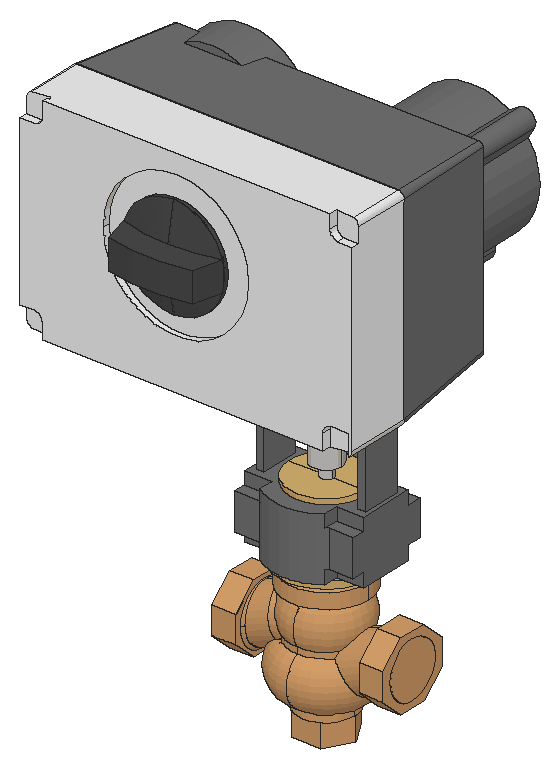
Revit family "VRB3_DN15-DN50_Internal_AMV(E) 438 SU_RFA_1", category Pipe Accessories, Revit 2019
Family settings
  Round Connector Dimension = Use Diameter
  Part Type = Valve - Breaks Into
  OmniClass Number = 23.65.55.14.17
  OmniClass Title = Adjusting/Controlling Valves for Liquid Services
  Work Plane-Based = No
  Always vertical = Yes
  Cut with Voids When Loaded = No
  Shared = No
Parameters (values of type "VRB3_DN15_Internal_Kvs0.63_065Z0211")
  ang2D [instance] = 0.00°
  ZT = 1 mm
  Z1_ve = -13 mm
  W2C = 23.5 mm
  W = 137.6 mm  # constant formula
  Voltage = if(Actuator Type = [082H0123], 230 V, 24 V)  # 24 V
  TL2 = 0 mm
  Power = if(Actuator Type = [082H0121], 14 VA, 12 VA)  # 12 VA
  Min Medium Temperature = "-10°C"  # constant formula
  Max Medium Temperature = "130°C"  # constant formula
  L0 = 80 mm
  L = LL * 2  # 80 mm
  Ha = 215.5 mm
  H_T2 = 5.3 mm
  H_T1 = 7 mm
  ZC = 5 mm
  Z2 = 6.314 mm
  Z1_1 = 19 mm
  Z1 = 16 mm
  Z05 = 5 mm
  Z02 = 4 mm
  Z01 = 2 mm
  Z0 = 1 mm
  Y5 = 3 mm
  Y4 = 1 mm
  Y3 = 1 mm
  Y2 = 15.244 mm
  Y1 = 6.314 mm
  Y01 = 1 mm
  Y0 = 1 mm
  X12__ve = -X12  # -11.6 mm
  X12 = 11.6 mm
  X1 = 5.8 mm
  Weight = 0.71 kg
  W2T1 = 7 mm
  W2T = 5 mm
  W2B = 10.5 mm
  W2A = 6 mm
  W2 = 13 mm
  W1 = 17 mm
  Valve Body Material = Danfoss Bronze (Rg5)
  V1 = no
  Use Minimum Symbol Size [instance] = no
  URL = "https://store.danfoss.com/en/Climate-Solutions-for-heating/Motorised-Control-Valves-/Globe-Valves/Valves-for-Heating-and-Cooling/c/4105?q=%3Arelevance%3Adanfoss_producttypehierarchydesc%3A7cb85f57ec0c5908aa7533d09adc2ed0bf3179c1%3Adanfoss_a50461501115_fts%3ATA5_1501120&text="
  TT = 5 mm
  TL__ve = -TL  # -11 mm
  TL1__ve = -9 mm
  TL1 = 9 mm
  TL = 11 mm
  T_HH = H - H1  # 215.5 mm
  H0 = 84.8 mm
  TD = R * 2  # 27 mm
  Stroke = "10 mm"
  SW = 1
  R_Vertical Body = 13.5 mm
  RT30 = 2.1 mm
  RT3 = 3 mm
  RT22 = 10.5 mm
  RT11 = 12.5 mm
  RT1 = 18.5 mm
  RT0 = 16.5 mm
  R_Flow Pipe = 13 mm
  R = 13.5 mm
  Pressure Drop [instance] = 0.0 bar
  Nominal Pressure = "PN 16"  # constant formula
  NT = 11.25 mm
  NL = 34 mm
  N1 = 13 mm
  Model Type = "VRB3_DN15_Internal_Kvs0.63"
  Model = "065Z0211"
  Manufacturer = "Danfoss"
  LOD 350 = not(LOD 200)  # yes
  LOD 200 = no
  LM = 58 mm
  LL = 40 mm
  Kvs = 0.63 m³/h
  IfcExportType = "VRB3"  # constant formula
  IfcExportAs = "IfcValveType"  # constant formula
  H_Body Bottom = 25 mm
  HT_Flow pipe = 5 mm
  HH__ve = -H_2  # -23.5 mm
  HH0__ve = -HH0  # -30.5 mm
  HH0 = 30.5 mm
  H_2 = 23.5 mm
  H_Body Top = 23 mm
  HB_Flow Pipe = 6.314 mm
  H_3 = 25.5 mm
  H_5 = 11 mm
  H1 = 39.5 mm
  H_4 = 25 mm
  H_1 = 31 mm
  H = Ha + H1  # 255 mm
  Flow [instance] = 0.0 m³/h
  Description = "Motorized Control Valve"  # constant formula
  D1 = 33 mm
  D01 = 25.1 mm
  D00 = 29.1 mm
  D0 = 23.1 mm
  D = 15 mm
  Connection = "Internal Thread"  # constant formula
  CenSd_R14_6 = 6.928 mm
  CenSd_NKR_6 = NT * cos(30.00°)  # 9.743 mm
  BY = 10 mm
  CenSd_RT0_6 = R * cos(30.00°)  # 11.691 mm
  Adapter Type = Adapter_AMV(E) 15(25)(35)_RFA : Adapter_AMV(E) 15(25)(35)_DN15-50_065Z0311
  Actuator Type = AMV(E) 438 SU_RFA : AMV 438 SU_24V_082H0122
  AT = 45.00°
  A2_Flow Pipe = 158.00°
  A1_Flow pipe = 158.00°
  082H0123 = AMV(E) 438 SU_RFA : AMV 438 SU_230V_082H0123
  082H0121 = AMV(E) 438 SU_RFA : AME 438 SU_24V_082H0121
Reference planes
  plane 1 "Center (Front/Back)": y = 0
  plane 2 "XYPLANE": z = 0
  plane 3 "Center (Left/Right)": x = 0
  plane 4 "478": z = 5
  plane 5 "462": z = -24.9
  plane 6 "439": z = 2
  plane 7 "437": y = -10
  plane 8 "436": y = 10
  plane 9 "429": x = 27
  plane 10 "428": x = 29
  plane 11 "398": y = -9
  plane 12 "397": y = 9
  plane 13 "396": y = -6
  plane 14 "395": y = 6
  plane 15 "392": y = -11
  plane 16 "391": y = 11
  plane 17 "390": y = -12
  plane 18 "389": y = 12
  plane 19 "383": z = 25
  plane 20 "382": z = 23
  plane 21 "376": z = -10
  plane 22 "375": z = -9
  plane 23 "374": z = -5
  plane 24 "373": z = 0
  plane 25 "372": z = 1
  plane 26 "371": z = 24
  plane 27 "351": y = 7.5
  plane 28 "350": y = -7.5
  plane 29 "349": z = 7
  plane 30 "348": z = -23
  plane 31 "346": y = 1.5
  plane 32 "345": y = 4.5
  plane 33 "344": y = 10.5
  plane 34 "343": y = 12
  plane 35 "342": y = -1.5
  plane 36 "341": y = -4.5
  plane 37 "340": y = -10.5
  plane 38 "339": y = -12
  plane 39 "334": z = 11
  plane 40 "333": z = 9
  plane 41 "332": z = 4
  plane 42 "316": y = 23
  plane 43 "315": y = -23
  plane 44 "311": z = 81.8
  plane 45 "308": z = 79.8
  plane 46 "305": z = 54.3
  plane 47 "301": z = 49
  plane 48 "299": z = 47
  plane 49 "296": z = 44
  plane 50 "293": z = 41
  plane 51 "290": z = 38
  plane 52 "285": z = 15
  plane 53 "283": z = 84.8
  plane 54 "280": z = 54.5
  plane 55 "277": z = 19
  plane 56 "270": z = 29
  plane 57 "268": x = -18.5
  plane 58 "261": z = 1
  plane 59 "233": z = 26.5
  plane 60 "232": z = 22
  plane 61 "183": y = -0.2
  plane 62 "88": y = -13
  plane 63 "77": y = 13
  plane 64 "73": x = -29
  plane 65 "59": z = 31
  plane 66 "45": z = -25
  plane 67 "24": y = -15.244
  plane 68 "23": y = -6.314
  plane 69 "22": y = 15.244
  plane 70 "21": y = 6.314
  plane 71 "20": z = -6.314
  plane 72 "19": z = 6.314
  plane 73 "18": z = -16
  plane 74 "17": z = 16
  plane 75 "14": x = 40
  plane 76 "13": x = -40
  plane 77 "4": x = 0
  plane 78 "3": y = 0
  plane 79 "1": z = 0
  plane 80 "46": z = -39.5
  plane 81 "47": z = -28.5
  plane 82: through (-5.625, 9.743, 1200) normal (0.866, 0.5, 0)
  plane 83: through (7.313, 10.717, 1200) normal (-0.866, -0.5, 0)
  plane 84: through (-7.312, -10.717, 1200) normal (-0.866, -0.5, 0)
  plane 85: y = -17
  plane 86: y = 17
  plane 87: y = -17
  plane 88: y = 17
  plane 89: x = -27
  plane 90: y = -6.5
  plane 91: y = 6.5
  plane 92: y = 23.5
  plane 93: y = -23.5
  plane 94: z = 215.5
  plane 95: y = -66.1
  plane 96: y = 71.5
Forms (mm)
  Blend 1, solid, material "Danfoss Bronze (Rg5)" <- "Valve Body Material", detail levels fine
    base sketch origin (27, -750, 0) x (0, 1, 0) y (0, 0, 1)
      loop
        circle (750, 0) r 12.55
    top sketch origin (27, -750, 0) x (0, 1, 0) y (0, 0, 1)
      loop
        circle (750, 0) r 14.55
    from 0 to 2
  Blend 2, solid, material "Danfoss Bronze (Rg5)" <- "Valve Body Material", detail levels fine
    base sketch origin (-29, -750, 0) x (0, 1, 0) y (0, 0, 1)
      loop
        circle (750, 0) r 14.55
    top sketch origin (-29, -750, 0) x (0, 1, 0) y (0, 0, 1)
      loop
        circle (750, 0) r 11.55
    from 0 to 2
  Extrusion 3, solid, material "Danfoss Bronze (Rg5)" <- "Valve Body Material", visible <- "V1", detail levels fine
    sketch origin (-750, 0, 31) x (1, 0, 0) y (0, 1, 0)
      loop
        line (758, 0) -> (754, 6.928) -> (746, 6.928) -> (742, 0) -> (746, -6.928) -> (754, -6.928) -> (758, 0)
      loop
        circle (750, 0) r 12.5
    from 0 to 5
  Blend 4, solid, material "Danfoss Stainless Steel AISI 304 / AISI 316L", detail levels fine
    base sketch origin (-750, 0, 81.8) x (1, 0, 0) y (0, 1, 0)
      loop
        circle (750, 0) r 3
    top sketch origin (-750, 0, 81.8) x (1, 0, 0) y (0, 1, 0)
      loop
        circle (750, 0) r 2.1
    from 0 to 3
  Extrusion 5, solid, material "Danfoss Stainless Steel AISI 304 / AISI 316L", detail levels fine
    sketch origin (-750, 0, 79.8) x (1, 0, 0) y (0, 1, 0)
      loop
        circle (750, 0) r 2.1
    from 0 to 2
  Extrusion 6, solid, material "Danfoss Stainless Steel AISI 304 / AISI 316L", detail levels fine
    sketch origin (-750, 0, 54.3) x (1, 0, 0) y (0, 1, 0)
      loop
        circle (750, 0) r 3
    from 0 to 25.5 <- "H_3"
  Extrusion 7, solid, material "Danfoss Bronze (Rg5)" <- "Valve Body Material", visible <- "LOD 350", detail levels fine
    sketch origin (-750, 0, 49) x (1, 0, 0) y (0, 1, 0)
      loop
        line (761.25, 0) -> (755.625, 9.743) -> (744.375, 9.743) -> (738.75, 0) -> (744.375, -9.743) -> (755.625, -9.743) -> (761.25, 0)
    from 0 to 5.3 <- "H_T2"
  Extrusion 8, solid, material "Danfoss Bronze (Rg5)" <- "Valve Body Material", visible <- "LOD 350", detail levels fine
    sketch origin (-750, 0, 47) x (1, 0, 0) y (0, 1, 0)
      loop
        circle (750, 0) r 12.5
    from 0 to 2
  Extrusion 9, solid, material "Danfoss Bronze (Rg5)" <- "Valve Body Material", visible <- "LOD 350", detail levels fine
    sketch origin (-750, 0, 44) x (1, 0, 0) y (0, 1, 0)
      loop
        circle (750, 0) r 10.5
    from 0 to 3
  Extrusion 10, solid, material "Danfoss Bronze (Rg5)" <- "Valve Body Material", visible <- "LOD 350", detail levels fine
    sketch origin (-750, 0, 41) x (1, 0, 0) y (0, 1, 0)
      loop
        circle (750, 0) r 12.5
    from 0 to 3
  Extrusion 11, solid, material "Danfoss Bronze (Rg5)" <- "Valve Body Material", visible <- "LOD 350", detail levels fine
    sketch origin (-750, 0, 38) x (1, 0, 0) y (0, 1, 0)
      loop
        circle (750, 0) r 10.5
    from 0 to 3
  Extrusion 12, solid, material "Danfoss Bronze (Rg5)" <- "Valve Body Material", visible <- "LOD 350", detail levels fine
    sketch origin (-750, 0, 31) x (1, 0, 0) y (0, 1, 0)
      loop
        circle (750, 0) r 12.5
    from 0 to 7 <- "H_T1"
  Extrusion 13, solid, material "Danfoss Bronze (Rg5)" <- "Valve Body Material", visible <- "LOD 200", detail levels fine
    sketch origin (-750, 0, 54.5) x (1, 0, 0) y (0, 1, 0)
      loop
        circle (750, 0) r 12.5
    from -0.2 to -23.5 <- "HH__ve"
  Extrusion 14, solid, material "Danfoss Bronze (Rg5)" <- "Valve Body Material", visible <- "LOD 350", detail levels fine
    sketch origin (-750, 0, 31) x (1, 0, 0) y (0, 1, 0)
      loop
        circle (750, 0) r 16.5
    from 0 to -10
  Revolve 15, solid, material "Danfoss Bronze (Rg5)" <- "Valve Body Material", visible <- "LOD 350", detail levels fine
    sketch origin (-16.5, 0, 31) x (0, 0, 1) y (1, 0, 0)
      loop
        line (0, 0) -> (-12, 3) -> (-9, -3) -> (-2, -3) -> (0, -2) -> (0, 0)
      axis (-12, 16.5) -> (0, 16.5)
    angle from 0 to -360
  Extrusion 16, solid, material "Danfoss Bronze (Rg5)" <- "Valve Body Material", visible <- "LOD 350", detail levels fine
    sketch origin (0, 0, 19) x (1, 0, 0) y (0, 1, 0)
      loop
        circle (0, 0) r 13.5
    from 0 <- "TL2" to -9 <- "TL1__ve"
  Extrusion 17, solid, material "Danfoss Bronze (Rg5)" <- "Valve Body Material", visible <- "LOD 200", detail levels fine
    sketch origin (-750, 0, 31) x (1, 0, 0) y (0, 1, 0)
      loop
        circle (750, 0) r 16.5
    from 0 to -13 <- "Z1_ve"
  Extrusion 18, solid, material "Danfoss Bronze (Rg5)" <- "Valve Body Material", visible <- "LOD 200", detail levels fine
    sketch origin (-29, -750, 0) x (0, 1, 0) y (0, 0, 1)
      loop
        circle (750, 0) r 12.55
    from 0 to 58 <- "LM"
  Revolve 19, solid, material "Danfoss Bronze (Rg5)" <- "Valve Body Material", detail levels fine
    sketch origin (0, -0.2, 18.55) x (0, -1, 0) y (0, 0, 1)
      loop
        line (0, 4.45) -> (0, -43.55) -> (12.8, -43.55)
        arc (12.8, -43.55) -> (23.128, -32.382) -> (16.8, -18.55) r 13.717
        line (16.8, -18.55) -> (16.8, -15.817)
        arc (16.8, -15.817) -> (18.496, -4.954) -> (12.8, 4.45) r 16.042
        line (12.8, 4.45) -> (0, 4.45)
      axis (-0.2, -43.55) -> (-0.2, 4.45)
    angle from 0 to -360
  Extrusion 20, solid, material "Danfoss Bronze (Rg5)" <- "Valve Body Material", visible <- "LOD 350", detail levels fine
    sketch origin (40, -750, 0) x (0, 1, 0) y (0, 0, 1)
      loop
        line (733, 6.314) -> (733, -6.314) -> (743.5, -16) -> (756.5, -16) -> (767, -6.314) -> (767, 6.314) -> (756.5, 16) -> (743.5, 16) -> (733, 6.314)
    from 0 to -11 <- "TL__ve"
  Extrusion 21, solid, material "Danfoss Bronze (Rg5)" <- "Valve Body Material", visible <- "LOD 200", detail levels fine
    sketch origin (40, -750, 0) x (0, 1, 0) y (0, 0, 1)
      loop
        circle (750, 0) r 16.5
    from 0 to -11 <- "TL__ve"
  Extrusion 22, solid, material "Danfoss Bronze (Rg5)" <- "Valve Body Material", visible <- "LOD 350", detail levels fine
    sketch origin (-40, -750, 0) x (0, 1, 0) y (0, 0, 1)
      loop
        line (743.5, 16) -> (733, 6.314) -> (733, -6.314) -> (743.5, -16) -> (756.5, -16) -> (767, -6.314) -> (767, 6.314) -> (756.5, 16) -> (743.5, 16)
    from 0 to 11 <- "TL"
  Extrusion 23, solid, material "Danfoss Bronze (Rg5)" <- "Valve Body Material", visible <- "LOD 200", detail levels fine
    sketch origin (-40, -750, 0) x (0, 1, 0) y (0, 0, 1)
      loop
        circle (750, 0) r 16.5
    from 0 to 11 <- "TL"
  Extrusion 24, solid, material "Danfoss Bronze (Rg5)" <- "Valve Body Material", visible <- "LOD 350", detail levels fine
    sketch origin (0, 0, -39.5) x (-1, 0, 0) y (0, -1, 0)
      loop
        line (6.75, -11.691) -> (13.5, 0) -> (6.75, 11.691) -> (-6.75, 11.691) -> (-13.5, 0) -> (-6.75, -11.691) -> (6.75, -11.691)
    from 0 to 11 <- "H_5"
  Extrusion 25, solid, material "Danfoss Bronze (Rg5)" <- "Valve Body Material", detail levels fine
    sketch origin (0, 0, -28.5) x (-1, 0, 0) y (0, -1, 0)
      loop
        circle (0, 0.2) r 13.5
    from 0 to 5.5
  Sweep 26, solid, material "Danfoss Bronze (Rg5)" <- "Valve Body Material", visible <- "LOD 350", detail levels fine
    path origin (-16.5, 0, 31) x (0, 0, 1) y (1, 0, 0)
      loop
        line (-31, -23.5) -> (-31, -12.5) -> (-26, -0.125) -> (-26, 16.5)
    profile origin (-34.5, 0, 0) x (0, 0, -1) y (0, 1, 0)
      loop
        circle (0, 0) r 13
  Sweep 27, solid, material "Danfoss Bronze (Rg5)" <- "Valve Body Material", visible <- "LOD 350", detail levels fine
    path origin (-16.5, 0, 31) x (0, 0, 1) y (1, 0, 0)
      loop
        line (-31, 56.5) -> (-31, 45.5) -> (-37.314, 29.872) -> (-37.314, 16.5)
    profile origin (34.5, 0, 0) x (0, 0, 1) y (0, 1, 0)
      loop
        circle (0, 0) r 13
  Extrusion 28, solid, material "Danfoss Bronze (Rg5)" <- "Valve Body Material", visible <- "LOD 200", detail levels fine
    sketch origin (0, 0, -39.5) x (-1, 0, 0) y (0, -1, 0)
      loop
        circle (0, 0) r 16.5
    from 0 to 11
Lines and regions (mm)
  reference lines, not visible
    curve 1: circle (2, 2, 0) r 1 normal (0, 0, 1)
  reference lines, visible <- "LOD 350"
    curve 2: line (0, 0, 31) -> (-4.125, 7.145, 31)
    curve 3: line (0, 0, 31) -> (-8.25, 0, 31)
    curve 4: line (0, 0, 31) -> (-4.125, -7.145, 31)
    curve 5: line (0, 0, 49) -> (-2.813, 4.871, 49)
    curve 6: line (0, 0, 49) -> (-5.625, 0, 49)
    curve 7: line (0, 0, 49) -> (-2.812, -4.871, 49)
Dimensions and locks
  plane 1 "Center (Front/Back)" to curve 1 = 2 mm
  "ZC": plane 79 "1" to plane 4 "478"
  locked: plane 66 "45" to plane 5 "462" at 0.1
  locked: plane 79 "1" to plane 6 "439" at 2
  "Y0": plane 15 "392" to plane 7 "437"
  "Y0": plane 16 "391" to plane 8 "436"
  locked: plane 10 "428" to plane 9 "429" at 2
  "TL": plane 75 "14" to plane 10 "428"
  "Y4": plane 7 "437" to plane 11 "398"
  "Y4": plane 8 "436" to plane 12 "397"
  "Y5": plane 11 "398" to plane 13 "396"
  "Y5": plane 12 "397" to plane 14 "395"
  "Y01": plane 17 "390" to plane 15 "392"
  "Y01": plane 18 "389" to plane 16 "391"
  "Y3": plane 62 "88" to plane 17 "390"
  "Y3": plane 63 "77" to plane 18 "389"
  locked: plane 59 "233" to plane 19 "383" at 1.5
  "ZT": plane 26 "371" to plane 20 "382"
  "Z0": plane 22 "375" to plane 21 "376"
  "Z02": plane 23 "374" to plane 22 "375"
  "Z05": plane 24 "373" to plane 23 "374"
  locked: plane 25 "372" to plane 24 "373" at 1
  locked: plane 6 "439" to plane 25 "372" at 1
  locked: plane 19 "383" to plane 26 "371" at 1
  locked: plane 33 "344" to plane 27 "351" at 3
  locked: plane 37 "340" to plane 28 "350" at 3
  locked: plane 41 "332" to plane 29 "349" at 3
  locked: plane 66 "45" to plane 30 "348" at 2
  locked: plane 32 "345" to plane 31 "346" at 3
  locked: plane 27 "351" to plane 32 "345" at 3
  locked: plane 34 "343" to plane 33 "344" at 1.5
  locked: plane 63 "77" to plane 34 "343" at 1
  locked: plane 36 "341" to plane 35 "342" at 3
  locked: plane 28 "350" to plane 36 "341" at 3
  locked: plane 38 "339" to plane 37 "340" at 1.5
  locked: plane 62 "88" to plane 38 "339" at 1
  locked: plane 40 "333" to plane 39 "334" at 2
  locked: plane 29 "349" to plane 40 "333" at 2
  locked: plane 58 "261" to plane 41 "332" at 3
  "BY": plane 63 "77" to plane 42 "316"
  "BY": plane 62 "88" to plane 43 "315"
  locked: plane 45 "308" to plane 44 "311" at 2
  "H_3": plane 46 "305" to plane 45 "308"
  "H_T2": plane 47 "301" to plane 46 "305"
  locked: plane 48 "299" to plane 47 "301" at 2
  locked: plane 49 "296" to plane 48 "299" at 3
  locked: plane 50 "293" to plane 49 "296" at 3
  locked: plane 51 "290" to plane 50 "293" at 3
  "H_T1": plane 65 "59" to plane 51 "290"
  locked: plane 55 "277" to plane 52 "285" at 4
  "H_2": plane 65 "59" to plane 54 "280"
  locked: plane 65 "59" to plane 56 "270" at 2
  "RT1": plane 77 "4" to plane 57 "268"
  locked: plane 79 "1" to plane 58 "261" at 1
  "TL1": plane 65 "59" to plane 60 "232"
  locked: plane 78 "3" to plane 61 "183" at 0.2
  "W2": plane 78 "3" to plane 62 "88"
  "W2": plane 78 "3" to plane 63 "77"
  "TL": plane 76 "13" to plane 64 "73"
  "H_1": plane 79 "1" to plane 65 "59"
  "H_4": plane 79 "1" to plane 66 "45"
  "Y2": plane 78 "3" to plane 67 "24"
  "Y1": plane 78 "3" to plane 68 "23"
  "Y2": plane 78 "3" to plane 69 "22"
  "Y1": plane 78 "3" to plane 70 "21"
  "Z2": plane 79 "1" to plane 71 "20"
  "Z2": plane 79 "1" to plane 72 "19"
  "Z1": plane 79 "1" to plane 73 "18"
  "Z1": plane 79 "1" to plane 74 "17"
  "LL": plane 77 "4" to plane 75 "14"
  "LL": plane 77 "4" to plane 76 "13"
  locked: plane 3 "Center (Left/Right)" to plane 77 "4"
  locked: plane 1 "Center (Front/Back)" to plane 78 "3"
  locked: plane 2 "XYPLANE" to plane 79 "1"
  "CenSd_R14_6": curve 2 to Extrusion 3 sketch curve  (x2)
  "CenSd_R14_6": curve 3 to Extrusion 3 sketch curve  (x2)
  "CenSd_R14_6": curve 4 to Extrusion 3 sketch curve  (x2)
  Extrusion 3 sketch curve to Extrusion 3 sketch curve = 0 mm  (x12)
  "CenSd_NKR_6": curve 5 to Extrusion 7 sketch curve  (x2)
  "CenSd_NKR_6": curve 6 to Extrusion 7 sketch curve  (x2)
  "CenSd_NKR_6": curve 7 to Extrusion 7 sketch curve  (x2)
  Extrusion 7 sketch curve to Extrusion 7 sketch curve = 0 mm  (x12)
  Revolve 15 sketch curve to Revolve 15 sketch curve = 0 mm  (x10)
  Revolve 19 sketch curve to Revolve 19 sketch curve = 0 mm  (x2)
  Extrusion 22 sketch curve to Extrusion 22 sketch curve = 0 mm  (x16)
  "H1": level to plane 80 "46"
  plane 66 "45" to plane 81 "47" = 3.5 mm
  "H_5": plane 81 "47" to plane 80 "46"
  "CenSd_RT0_6": Extrusion 24 sketch curve to curve 2
  "CenSd_RT0_6": Extrusion 24 sketch curve to curve 4
  "CenSd_RT0_6": Extrusion 24 sketch curve to curve 7
  "CenSd_RT0_6": Extrusion 24 sketch curve to curve 5
  "CenSd_RT0_6": plane 83 to plane 82
  "CenSd_RT0_6": plane 82 to plane 84
  "Z1_1": plane 55 "277" to level
  Revolve 19 sketch curve to Revolve 19 sketch curve = 2.733 mm
  Revolve 19 sketch curve to plane 61 "183" = 0 mm
  "W2A": plane 62 "88" to Revolve 19 sketch curve
  "H_Body Top": plane 20 "382" to level
  "W1": plane 1 "Center (Front/Back)" to Revolve 19 sketch curve
  plane 75 "14" to plane 76 "13" = 80 mm
  "W2B": plane 62 "88" to Revolve 19 sketch curve
  "H_Body Bottom": level to Revolve 19 sketch curve
  "N1": Extrusion 22 sketch curve to Extrusion 22 sketch curve  (x2)
  equal spacing: Extrusion 22 sketch curve, plane 1 "Center (Front/Back)", Extrusion 22 sketch curve  (x2)
  equal spacing: plane 86, plane 1 "Center (Front/Back)", plane 85
  "NL": plane 86 to plane 85
  equal spacing: plane 88, plane 1 "Center (Front/Back)", plane 87
  "NL": plane 88 to plane 87
  locked: plane 64 "73" to plane 89 at 2
  plane 34 "343" to plane 38 "339" = 24 mm
  plane 69 "22" to plane 67 "24" = 30.488 mm
  equal spacing: plane 91, plane 1 "Center (Front/Back)", plane 90
  "N1": plane 91 to plane 90
  plane 72 "19" to Extrusion 20 sketch curve = 0 mm
  Extrusion 20 sketch curve to plane 90 = 0 mm  (x2)
  "HT_Flow pipe": Sweep 26 sketch curve to Sweep 26 sketch curve
  "HB_Flow Pipe": Sweep 27 sketch curve to Sweep 27 sketch curve
  Extrusion 20 sketch curve to plane 91 = 0 mm  (x3)
  Extrusion 20 sketch curve to plane 71 "20" = 0 mm  (x2)
  Extrusion 20 sketch curve to plane 72 "19" = 0 mm
  "W2C": plane 1 "Center (Front/Back)" to plane 92
  "W2C": plane 93 to plane 1 "Center (Front/Back)"
  plane 92 to plane 93 = 47 mm
  locked: nested 2 to plane 65 "59" at 1.3
  locked: nested 3 to plane 65 "59" at 4.5
  locked: plane 95 to plane 1 "Center (Front/Back)" at 66.1
  "W": plane 95 to plane 96
  "H": plane 94 to plane 80 "46"
  "H0": plane 53 "283" to level
  "Ha": plane 94 to plane 79 "1"
  "D00": diameter of Blend 1 sketch curve
  "D01": diameter of Blend 1 sketch curve
  "D0": diameter of Blend 2 sketch curve
  "D00": diameter of Blend 2 sketch curve
  "RT11": radius of Extrusion 3 sketch curve
  "RT30": radius of Blend 4 sketch curve
  "RT3": radius of Blend 4 sketch curve
  "RT30": radius of Extrusion 5 sketch curve
  "RT3": radius of Extrusion 6 sketch curve
  "RT11": radius of Extrusion 8 sketch curve
  "RT22": radius of Extrusion 9 sketch curve
  "RT11": radius of Extrusion 10 sketch curve
  "RT22": radius of Extrusion 11 sketch curve
  "RT11": radius of Extrusion 12 sketch curve
  "RT11": radius of Extrusion 13 sketch curve
  "RT0": radius of Extrusion 14 sketch curve
  "R_Vertical Body": radius of Extrusion 16 sketch curve
  "D01": diameter of Extrusion 18 sketch curve
  "D1": diameter of Extrusion 21 sketch curve
  "D1": diameter of Extrusion 23 sketch curve
  "R": radius of Extrusion 25 sketch curve
  "R_Flow Pipe": radius of Sweep 26 sketch curve
  "R_Flow Pipe": radius of Sweep 27 sketch curve
  "RT0": radius of Extrusion 17 sketch curve
  "D1": diameter of Extrusion 28 sketch curve
  locked: curve 3 to curve 2 (angle 60.00°)
  locked: curve 4 to curve 3 (angle 60.00°)
  locked: curve 4 to curve 2 (angle 120.00°)
  locked: curve 6 to curve 5 (angle 60.00°)
  locked: curve 7 to curve 6 (angle 60.00°)
  locked: curve 7 to curve 5 (angle 120.00°)
  "A1_Flow pipe": angle Sweep 26 sketch curve to level
  "A2_Flow Pipe": angle Sweep 27 sketch curve to level
  aligned and locked: level to plane 2 "XYPLANE"
  aligned and locked: Blend 1 sketch curve to plane 78 "3"  (x2)
  aligned and locked: plane 79 "1" to Blend 1 sketch curve  (x2)
  aligned and locked: plane 10 "428" to Blend 1
  aligned and locked: Blend 2 sketch curve to plane 78 "3"  (x2)
  aligned and locked: plane 79 "1" to Blend 2 sketch curve  (x2)
  aligned and locked: plane 77 "4" to curve 4
  aligned and locked: plane 78 "3" to curve 4
  aligned and locked: plane 77 "4" to Extrusion 3 sketch curve
  aligned and locked: plane 78 "3" to Extrusion 3 sketch curve
  aligned and locked: plane 77 "4" to Blend 4 sketch curve  (x2)
  aligned and locked: plane 78 "3" to Blend 4 sketch curve  (x2)
  aligned and locked: plane 53 "283" to Blend 4
  aligned and locked: plane 77 "4" to Extrusion 5 sketch curve
  aligned and locked: plane 78 "3" to Extrusion 5 sketch curve
  aligned and locked: plane 77 "4" to Extrusion 6 sketch curve
  aligned and locked: plane 78 "3" to Extrusion 6 sketch curve
  aligned and locked: plane 77 "4" to curve 7
  aligned and locked: plane 78 "3" to curve 7
  aligned and locked: plane 77 "4" to Extrusion 8 sketch curve
  aligned and locked: plane 78 "3" to Extrusion 8 sketch curve
  aligned and locked: plane 77 "4" to Extrusion 9 sketch curve
  aligned and locked: plane 78 "3" to Extrusion 9 sketch curve
  aligned and locked: plane 77 "4" to Extrusion 10 sketch curve
  aligned and locked: plane 78 "3" to Extrusion 10 sketch curve
  aligned and locked: plane 77 "4" to Extrusion 11 sketch curve
  aligned and locked: plane 78 "3" to Extrusion 11 sketch curve
  aligned and locked: plane 77 "4" to Extrusion 12 sketch curve
  aligned and locked: plane 78 "3" to Extrusion 12 sketch curve
  aligned and locked: plane 77 "4" to Extrusion 13 sketch curve
  aligned and locked: plane 78 "3" to Extrusion 13 sketch curve
  aligned and locked: plane 77 "4" to Extrusion 14 sketch curve
  aligned and locked: plane 78 "3" to Extrusion 14 sketch curve
  aligned and locked: plane 65 "59" to Revolve 15 sketch curve  (x3)
  aligned and locked: plane 57 "268" to Revolve 15 sketch curve
  aligned and locked: plane 56 "270" to Revolve 15 sketch curve
  aligned and locked: plane 60 "232" to Revolve 15 sketch curve
  aligned and locked: plane 55 "277" to Revolve 15 sketch curve
  aligned and locked: plane 52 "285" to Revolve 15 sketch curve
  aligned and locked: plane 77 "4" to Extrusion 16 sketch curve
  aligned and locked: plane 78 "3" to Extrusion 16 sketch curve
  aligned and locked: plane 77 "4" to Extrusion 17 sketch curve
  aligned and locked: plane 78 "3" to Extrusion 17 sketch curve
  aligned and locked: Extrusion 18 sketch curve to plane 78 "3"
  aligned and locked: plane 79 "1" to Extrusion 18 sketch curve
  aligned and locked: Revolve 19 sketch curve to plane 61 "183"
  aligned and locked: Revolve 19 sketch curve to plane 62 "88"
  aligned and locked: plane 79 "1" to Revolve 19 sketch curve
  aligned and locked: Revolve 19 sketch curve to plane 78 "3"
  aligned and locked: plane 66 "45" to Revolve 19 sketch curve
  aligned and locked: plane 59 "233" to Revolve 19 sketch curve
  aligned and locked: Extrusion 21 sketch curve to plane 78 "3"
  aligned and locked: plane 79 "1" to Extrusion 21 sketch curve
  aligned and locked: Extrusion 22 sketch curve to plane 74 "17"
  aligned and locked: plane 74 "17" to Extrusion 22 sketch curve
  aligned and locked: plane 73 "18" to Extrusion 22 sketch curve  (x2)
  aligned and locked: Extrusion 23 sketch curve to plane 78 "3"
  aligned and locked: plane 79 "1" to Extrusion 23 sketch curve
  aligned and locked: plane 82 to Extrusion 7
  aligned and locked: plane 82 to Extrusion 24 sketch curve  (x2)
  aligned and locked: plane 83 to Extrusion 24 sketch curve
  aligned and locked: plane 84 to Extrusion 24 sketch curve
  aligned and locked: plane 30 "348" to Extrusion 25
  aligned and locked: plane 20 "382" to Revolve 19 sketch curve
  aligned and locked: plane 62 "88" to Revolve 19 sketch curve
  aligned and locked: Revolve 19 sketch curve to plane 20 "382"
  aligned and locked: Extrusion 22 sketch curve to plane 86
  aligned and locked: plane 85 to Extrusion 22 sketch curve  (x2)
  aligned and locked: plane 86 to Extrusion 22 sketch curve
  aligned and locked: plane 87 to Extrusion 20 sketch curve
  aligned and locked: Extrusion 22 to Extrusion 20 sketch curve
  aligned and locked: plane 73 "18" to Extrusion 20 sketch curve
  aligned and locked: Sweep 26 sketch curve to level
  aligned and locked: level to Sweep 26 sketch curve
  aligned and locked: plane 1 "Center (Front/Back)" to Sweep 26 sketch curve
  aligned and locked: level to Sweep 27 sketch curve  (x2)
  aligned and locked: plane 1 "Center (Front/Back)" to Sweep 27 sketch curve
  aligned and locked: plane 46 "305" to Extrusion 13
  aligned and locked: plane 74 "17" to Extrusion 20 sketch curve
  aligned and locked: plane 1 "Center (Front/Back)" to Extrusion 28 sketch curve
  aligned and locked: plane 3 "Center (Left/Right)" to Extrusion 28 sketch curve
  aligned and locked: plane 81 "47" to Extrusion 28
  aligned and locked: plane 1 "Center (Front/Back)" to nested 1
  aligned and locked: plane 77 "4" to nested 1
  aligned and locked: plane 3 "Center (Left/Right)" to nested 1
  aligned and locked: plane 77 "4" to nested 2
  aligned and locked: plane 1 "Center (Front/Back)" to nested 2
  aligned and locked: plane 77 "4" to nested 3
  aligned and locked: plane 1 "Center (Front/Back)" to nested 3
Automatic sketch dimensions
  Revolve 15 sketch curve to plane 3 "Center (Left/Right)" = 0 mm
  plane 3 "Center (Left/Right)" to curve 1 = 2 mm
  Revolve 15 sketch curve to plane 65 "59" = 0 mm
  Revolve 15 sketch curve to plane 57 "268" = 1 mm
  plane 57 "268" to Revolve 15 sketch curve = 2 mm
  plane 57 "268" to Revolve 15 sketch curve = 5 mm
  Extrusion 17 sketch curve to plane 3 "Center (Left/Right)" = 0 mm
  Extrusion 22 sketch curve to plane 71 "20" = 0 mm  (x2)
  Extrusion 22 sketch curve to plane 72 "19" = 0 mm  (x2)
  Extrusion 25 sketch curve to plane 3 "Center (Left/Right)" = 0 mm
  Extrusion 25 sketch curve to plane 61 "183" = 0 mm
  Sweep 26 sketch curve to plane 76 "13" = 0 mm
  Sweep 26 sketch curve to plane 64 "73" = 0 mm
  Sweep 26 sketch curve to plane 3 "Center (Left/Right)" = 0 mm
  Sweep 27 sketch curve to plane 3 "Center (Left/Right)" = 0 mm
  Sweep 27 sketch curve to plane 10 "428" = 0 mm
  Sweep 27 sketch curve to plane 75 "14" = 0 mm
  radius of curve 1 = 1 mm
Nested families
  nested 1: "Schematic_3-Way Valve" at (0, 0, 0), type "Schematic_3-Way Valve", detail levels coarse+medium
    with L_1 26.667 mm, L 80 mm, H1 39.5 mm, H 80 mm, D1 23.1 mm
  nested 2: "Adapter_AMV(E) 15(25)(35)_RFA" at (0, 0, 32.3), type <- "Adapter Type", type "Adapter_AMV(E) 15(25)(35)_DN15-50_065Z0311", detail levels fine
  nested 3: "AMV(E) 438 SU_RFA" at (0, 0, 35.5), LOD 200 <- "LOD 200", type <- "Actuator Type", Voltage <- "Voltage", Power <- "Power", type "AMV 438 SU_24V_082H0122", detail levels fine
    with Voltage 24 V, Power 12 VA, LOD 350 yes, LOD 200 no
Connectors
  piping at (0, -0.2, -28.5), diameter 15, driven by "D", driven by "Flow"
    settings: on Extrusion 25, index 3, connector inside diameter 609.6 mm, connector length 0 mm, flow factor 0, pipe flow 0.0 m³/h, pressure drop 0.0 bar, fitting loss kfactor 0, connector angle 0.00°, fixture units 0, engagement length 0 mm, angle of deflection 0.00°, flow configuration 0, flow direction 0, fitting loss method 0, system type 29, joint type 0, gender type 0, connector reference index -1, connector utility 0, adjustable connector no, is connector primary no, connector description ""
  piping at (40, 0, 0), diameter 15, driven by "D", driven by "Flow"
    settings: on Sweep 27, index 4, connector inside diameter 609.6 mm, connector length 0 mm, flow factor 0, pipe flow 0.0 m³/h, pressure drop 0.0 bar, fitting loss kfactor 0, connector angle 0.00°, fixture units 0, engagement length 0 mm, angle of deflection 0.00°, flow configuration 0, flow direction 0, fitting loss method 0, system type 29, joint type 0, gender type 0, connector reference index 5, connector utility 0, adjustable connector no, is connector primary no, connector description ""
  piping at (-40, 0, 0), diameter 15, driven by "D", driven by "Flow"
    settings: on Sweep 26, index 5, connector inside diameter 609.6 mm, connector length 0 mm, flow factor 0, pipe flow 0.0 m³/h, pressure drop 0.0 bar, fitting loss kfactor 0, connector angle 0.00°, fixture units 0, engagement length 0 mm, angle of deflection 0.00°, flow configuration 0, flow direction 0, fitting loss method 0, system type 29, joint type 0, gender type 0, connector reference index 4, connector utility 0, adjustable connector no, is connector primary yes, connector description ""
  electrical at (0, 0, 0), driven by "Voltage", driven by "Power"
    settings: index 16, voltage 24 V, apparent load 0 VA, apparent load phase1 12 VA, apparent load phase2 0 VA, apparent load phase3 0 VA, power factor 0.95, load classification "HVAC", number of poles 1, system type 31, power factor state 1, is connector primary yes, connector utility no, sub classification motor no, connector description ""
Definition of nested family "Adapter_AMV(E) 15(25)(35)_RFA"
  Parameters (values of type "Adapter_AMV(E) 25_DN40-100_003Z0694")
    W = 45 mm
    URL = "https://store.danfoss.com/en/Climate-Solutions-for-heating/Hydronic-Balancing-and-Control/Pressure-independent-balancing-and-control/Pressure-Independent-Control-Valves-%28PICV%29/AB-QM-Accessories/Adapter-AMV-E-25-DN-40---100/p/003Z0694"
    Model Type = "Adapter_AMV(E) 25_DN40-100"
    Model = "003Z0694"
    Manufacturer = "Danfoss"  # constant formula
    L = 45 mm
    IfcExportType = "Adapter"  # constant formula
    IfcExportAs = "IfcValveType"  # constant formula
    H2 = 20 mm
    H1 = 20 mm
    H = 54.7 mm
    Description = "Adapter"  # constant formula
  Types (2, lengths in mm): name | URL | Model Type | Model | H2 | H1 | H
    Adapter_AMV(E) 25_DN40-100_003Z0694 | "https://store.danfoss.com/en/Climate-Solutions-for-heating/Hydronic-Balancing-and-Control/Pressure-independent-balancing-and-control/Pressure-Independent-Control-Valves-%28PICV%29/AB-QM-Accessories/Adapter-AMV-E-25-DN-40---100/p/003Z0694" | "Adapter_AMV(E) 25_DN40-100" | "003Z0694" | 20 | 20 | 54.7
    Adapter_AMV(E) 15(25)(35)_DN15-50_065Z0311 | "https://store.danfoss.com/en/Climate-Solutions-for-heating/Motorised-Control-Valves/Actuators-for-Globe-Valves/Accessories-for-actuators/AdapAMx15-16-25-35-VRB-G%2CVF-L2009dn15-50/p/065Z0311" | "Adapter_AMV(E) 15(25)(35)_DN15-50" | "065Z0311" | 28 | 34 | 69
  Reference planes
    plane 1 "Center (Front/Back)": y = 0
    plane 2: z = 0
    plane 3 "Center (Left/Right)": x = 0
    plane 4: z = 54.7
    plane 5: x = -22.5
    plane 6: x = 22.5
    plane 7: z = 34.7
    plane 8: z = 34.7
  Forms (mm)
    Revolve 1, solid
      sketch origin (0, 0, 0) x (1, 0, 0) y (0, 0, 1)
        loop
          line (0, 34.7) -> (-17.5, 34.7) -> (-17.5, 29.396) -> (-14.5, 18.2) -> (-17.5, 18.2) -> (-17.5, 3.2) -> (-22.5, 3.2) -> (-22.5, 0) -> (0, 0) -> (0, 34.7)
        axis (0, 34.7) -> (0, 0)
      angle from 0 to 360
    Revolve 2, solid
      sketch origin (0, 0, 0) x (1, 0, 0) y (0, 0, 1)
        loop
          line (0, 54.7) -> (-3, 54.7) -> (-3, 52.7) -> (-2, 52.7) -> (-2, 48.7) -> (-4, 45.844) -> (-4, 41.2) -> (-7, 41.2) -> (-7, 34.7) -> (0, 34.7) -> (0, 54.7)
        axis (0, 54.7) -> (0, 34.7)
      angle from 0 to 360
  Dimensions and locks
    equal spacing: plane 6, plane 3 "Center (Left/Right)", plane 5
    "L": plane 6 to plane 5
    "H": plane 4 to plane 2
    plane 3 "Center (Left/Right)" to Revolve 1 sketch curve = 17.5 mm
    Revolve 1 sketch curve to Revolve 1 sketch curve = 3.2 mm
    "H1": plane 4 to plane 7
    "H2": plane 4 to plane 8
    aligned and locked: level to plane 2
    aligned and locked: Revolve 1 sketch curve to plane 3 "Center (Left/Right)"
    aligned and locked: Revolve 1 sketch curve to plane 5
    aligned and locked: Revolve 1 sketch curve to plane 2
    aligned and locked: Revolve 1 sketch curve to Revolve 1 sketch curve
    aligned and locked: Revolve 2 sketch curve to plane 3 "Center (Left/Right)"
    aligned and locked: Revolve 2 sketch curve to plane 4
    aligned and locked: Revolve 2 sketch curve to Revolve 2 sketch curve
    aligned and locked: Revolve 1 sketch curve to plane 7
    aligned and locked: Revolve 2 sketch curve to plane 8
  Automatic sketch dimensions
    Revolve 1 sketch curve to level = 0 mm
    plane 5 to Revolve 1 sketch curve = 5 mm
    Revolve 1 sketch curve to Revolve 1 sketch curve = 3 mm
    Revolve 1 sketch curve to Revolve 1 sketch curve = 15 mm
    Revolve 1 sketch curve to Revolve 1 sketch curve = 5.304 mm
    Revolve 2 sketch curve to plane 4 = 0 mm
    Revolve 2 sketch curve to plane 3 "Center (Left/Right)" = 2 mm
    Revolve 2 sketch curve to Revolve 2 sketch curve = 1 mm
    Revolve 2 sketch curve to plane 3 "Center (Left/Right)" = 4 mm
    Revolve 2 sketch curve to Revolve 2 sketch curve = 7 mm
    Revolve 2 sketch curve to Revolve 2 sketch curve = 4.644 mm
    Revolve 2 sketch curve to Revolve 2 sketch curve = 2.856 mm
    Revolve 2 sketch curve to plane 4 = 2 mm
    Revolve 2 sketch curve to Revolve 2 sketch curve = 4 mm
    Revolve 1 sketch curve to plane 7 = 0 mm
    plane 7 to Revolve 2 sketch curve = 2 mm
Definition of nested family "AMV(E) 438 SU_RFA"
  Parameters (values of type "AME 438 SU_24V_082H0121")
    Weight = 2.30 kg  # constant formula
    W [instance] = 137.6 mm
    Voltage [instance] = 24 V
    URL = "https://store.danfoss.com/en/Climate-Solutions-for-heating/Motorised-Control-Valves/Actuators-for-Globe-Valves/Actuators-With-Safety-Function/c/4110?q=%3Arelevance%3Adanfoss_producttypehierarchydesc%3AAME+438+SU%3Adanfoss_producttypehierarchydesc%3AAMV+438+SU&text="
    Speed = "15 s/mm"  # constant formula
    Safety Function = "Spring Up"  # constant formula
    Power [instance] = 14 VA
    Output Signal = "0-10 V"
    Model Type = "AME 438 SU_24V"
    Model = "082H0121"
    Min Ambient Temperature = "0 °C"  # constant formula
    Max Stroke = 15 mm  # constant formula
    Max Medium Temperature = "150 °C"  # constant formula
    Max Ambient Temperature = "55 °C"  # constant formula
    Manufacturer = "Danfoss"  # constant formula
    LOD 350 [instance] = not(LOD 200)  # yes
    LOD 200 [instance] = no
    L [instance] = 155 mm
    IfcExportType = "AME 438 SU"
    IfcExportAs = "IfcActuatorType"  # constant formula
    H [instance] = 180 mm
    Description = "Gear Actuator"  # constant formula
    Control Input Signal = "0-10 V / 0-20 mA"
    Closing Force = "450 N"  # constant formula
    Body Material = none
  Types (4, lengths in mm): name | Voltage | Power | Output Signal | Model Type | Model | IfcExportType | Control Input Signal
    (no name) | 24 V | 14 VA | "0-10 V" | "AME 438 SU_24V" | "082H0121" | "AME 438 SU" | "0-10 V / 0-20 mA"
    AMV 438 SU_24V_082H0122 | 24 V | 12 VA | "End-position feedback" | "AMV 438 SU_24V" | "082H0122" | "AMV 438 SU" | "3-point"
    AME 438 SU_24V_082H0121 | 24 V | 14 VA | "0-10 V" | "AME 438 SU_24V" | "082H0121" | "AME 438 SU" | "0-10 V / 0-20 mA"
    AMV 438 SU_230V_082H0123 | 230 V | 12 VA | "End-position feedback" | "AMV 438 SU_230V" | "082H0123" | "AMV 438 SU" | "3-point"
  Reference planes
    plane 1 "Center (Front/Back)": y = 0
    plane 2: z = 0
    plane 3 "Center (Left/Right)": x = 0
    plane 4: z = 180
    plane 5: x = 28
    plane 6 "1": x = -28
    plane 7: x = 51
    plane 8: x = -104
    plane 9: z = 74
    plane 10: z = 29.5
    plane 11: y = 71.5
    plane 12: y = -66.1
    plane 13: y = -54
    plane 14: y = 34
    plane 15: y = 23
    plane 16: y = -23
    plane 17: x = 22
    plane 18: x = -22
    plane 19: x = 46
    plane 20: x = -99
    plane 21: z = 79
    plane 22: z = 175
    plane 23: z = 176
    plane 24: z = 78
    plane 25: y = -49
    plane 26: z = 173.2
    plane 27: z = 80.8
    plane 28: z = 134.5
    plane 29 "2": x = -31
    plane 30: x = -97
    plane 31: x = 44
    plane 32: x = -71.6
    plane 33: x = 11
    plane 34: y = -18.5
  Forms (mm)
    Extrusion 1, solid, material <- "Body Material", visible <- "LOD 350", detail levels fine
      sketch origin (0, 0, 0) x (1, 0, 0) y (0, 1, 0)
        loop
          arc (-16.248, -19) -> (0, -25) -> (16.248, -19) r 25
          line (16.248, -19) -> (27.62, -19) -> (27.62, 20) -> (15, 20)
          arc (15, 20) -> (0, 25) -> (-15, 20) r 25
          line (-15, 20) -> (-27.62, 20) -> (-27.62, -19) -> (-16.248, -19)
      from 0 to 29.5
    Extrusion 2, solid, material <- "Body Material", visible <- "LOD 350", detail levels fine
      sketch origin (0, 0, 0) x (1, 0, 0) y (0, 0, 1)
        loop
          line (22, 66.67) -> (22, 29.5) -> (25.4, 29.5) -> (25.4, 66.67) -> (22, 66.67)
      from -9 to 9
    Extrusion 3, solid, material <- "Body Material", visible <- "LOD 350", detail levels fine
      sketch origin (0, 0, 0) x (-1, 0, 0) y (0, 0, -1)
        loop
          line (22, -66.67) -> (25.4, -66.67) -> (25.4, -29.5) -> (22, -29.5) -> (22, -66.67)
      from -9 to 9
    Blend 4, solid, visible <- "LOD 350", detail levels fine
      base sketch origin (0, 0, 0) x (1, 0, 0) y (0, 0, 1)
        loop
          line (51, 80.879) -> (51, 173.2)
          arc (51, 173.2) -> (50.295, 175.174) -> (48.5, 176.255) r 3.117
          arc (48.5, 176.255) -> (-26.5, 180.013) -> (-101.5, 176.255) r 750.263
          arc (-101.5, 176.255) -> (-103.295, 175.174) -> (-104, 173.2) r 3.117
          line (-104, 173.2) -> (-104, 80.8)
          arc (-104, 80.8) -> (-103.295, 78.826) -> (-101.5, 77.745) r 3.117
          arc (-101.5, 77.745) -> (-26.535, 73.991) -> (48.429, 77.738) r 751.077
          arc (48.429, 77.738) -> (50.275, 78.849) -> (51, 80.879) r 3.204
      top sketch origin (0, 0, 0) x (1, 0, 0) y (0, 0, 1)
        loop
          line (-104, 173.2) -> (-104, 80.8)
          arc (-104, 80.8) -> (-103.295, 78.826) -> (-101.5, 77.745) r 3.117
          arc (-101.5, 77.745) -> (-26.535, 73.991) -> (48.429, 77.738) r 751.077
          arc (48.429, 77.738) -> (50.275, 78.849) -> (51, 80.879) r 3.204
          line (51, 80.879) -> (51, 173.2)
          arc (51, 173.2) -> (50.295, 175.174) -> (48.5, 176.255) r 3.117
          arc (48.5, 176.255) -> (-26.5, 180.013) -> (-101.5, 176.255) r 750.263
          arc (-101.5, 176.255) -> (-103.295, 175.174) -> (-104, 173.2) r 3.117
      from 18.5 to 49
    Revolve 5, solid, visible <- "LOD 350", detail levels fine
      sketch origin (-31, 0, 0) x (0, 0, 1) y (0, -1, 0)
        loop
          line (158.578, 49) -> (158.578, 50.625) -> (140.681, 54) -> (134.5, 54) -> (134.5, 49) -> (158.578, 49)
        axis (134.5, 49) -> (134.5, 54)
      angle from 0 to 360
    Extrusion 6, solid, visible <- "LOD 350", detail levels fine
      sketch origin (0, 4.396, 0) x (1, 0, 0) y (0, 1, 0)
        loop
          arc (-50.517, -68.508) -> (-30.981, -70.634) -> (-11.456, -68.408) r 88.747
          line (-11.456, -68.408) -> (-7.869, -55.021)
          arc (-7.869, -55.021) -> (-31, -58.764) -> (-54.131, -55.021) r 73.346
          line (-54.131, -55.021) -> (-50.517, -68.508)
      from 127.697 to 141.4
    Extrusion 7, void
      sketch origin (0, 0, 0) x (1, 0, 0) y (0, 0, 1)
        loop
          circle (-31, 134.5) r 34.064
      from 46 to 49
    Extrusion 8, void
      sketch origin (0, 0, 0) x (1, 0, 0) y (0, 0, 1)
        loop
          line (-105.641, 75.49) -> (-93.5, 75.49) -> (-93.5, 84.02)
          arc (-93.5, 84.02) -> (-94.489, 86.765) -> (-97, 88.25) r 4.307
          line (-97, 88.25) -> (-105.641, 88.25) -> (-105.641, 75.49)
        loop
          line (49.641, 75.49) -> (49.641, 88.25) -> (41, 88.25)
          arc (41, 88.25) -> (38.489, 86.765) -> (37.5, 84.02) r 4.307
          line (37.5, 84.02) -> (37.5, 75.49) -> (49.641, 75.49)
        loop
          line (-105.328, 179.135) -> (-105.328, 166.375) -> (-96.687, 166.375)
          arc (-96.687, 166.375) -> (-94.176, 167.86) -> (-93.188, 170.605) r 4.307
          line (-93.188, 170.605) -> (-93.188, 179.135) -> (-105.328, 179.135)
        loop
          line (52.766, 179.135) -> (40.625, 179.135) -> (40.625, 170.605)
          arc (40.625, 170.605) -> (41.614, 167.86) -> (44.125, 166.375) r 4.307
          line (44.125, 166.375) -> (52.766, 166.375) -> (52.766, 179.135)
      from 45 to 49
    Extrusion 9, solid, material <- "Body Material", detail levels fine
      sketch origin (0, 0, 0) x (1, 0, 0) y (0, 0, 1)
        loop
          circle (-71.6, 146.308) r 29.997
      from -23 to -43
    Extrusion 10, solid, material <- "Body Material", visible <- "LOD 350", detail levels fine
      sketch origin (0, 0, 0) x (1, 0, 0) y (0, 0, 1)
        loop
          arc (27.837, 163.055) -> (-1.542, 165.346) -> (-19.807, 142.22) r 31.304
          line (-19.807, 142.22) -> (-28.53, 141.451)
          arc (-28.53, 141.451) -> (-31.852, 140.071) -> (-33.778, 137.033) r 5.971
          arc (-33.778, 137.033) -> (-32.981, 132.201) -> (-28.837, 129.59) r 5.971
          line (-28.837, 129.59) -> (-19.332, 128.925)
          arc (-19.332, 128.925) -> (-8.72, 112.353) -> (9.686, 105.389) r 31.304
          line (9.686, 105.389) -> (12.15, 100.104)
          arc (12.15, 100.104) -> (17.501, 97.376) -> (21.546, 101.816) r 4.951
          line (21.546, 101.816) -> (22.032, 107.369)
          arc (22.032, 107.369) -> (40.861, 127.273) -> (36.815, 154.371) r 31.304
          line (36.815, 154.371) -> (39.673, 159.323)
          arc (39.673, 159.323) -> (38.894, 165.242) -> (32.975, 166.021) r 4.904
          line (32.975, 166.021) -> (27.837, 163.055)
      from -71.5 to -34
    Extrusion 11, void
      sketch origin (0, 0, 0) x (1, 0, 0) y (0, 0, 1)
        loop
          line (-31, 6.656) -> (-31, 0) -> (-15, 0) -> (-15, 6.656) -> (-31, 6.656)
        loop
          line (-31, 29.5) -> (-31, 23.7) -> (-14.998, 23.7) -> (-14.998, 29.5) -> (-31, 29.5)
        loop
          line (31, 6.656) -> (15, 6.656) -> (15, 0) -> (31, 0) -> (31, 6.656)
        loop
          line (31, 29.5) -> (14.998, 29.5) -> (14.998, 23.7) -> (31, 23.7) -> (31, 29.5)
      from 13 to 23
    Extrusion 12, void
      sketch origin (0, 0, 20) x (1, 0, 0) y (0, 0, 1)
        loop
          line (-31, -13.344) -> (-31, -20) -> (-15, -20) -> (-15, -13.344) -> (-31, -13.344)
        loop
          line (-31, 9.5) -> (-31, 3.075) -> (-14.998, 3.075) -> (-14.998, 9.5) -> (-31, 9.5)
        loop
          line (31, -13.344) -> (15, -13.344) -> (15, -20) -> (31, -20) -> (31, -13.344)
        loop
          line (31, 9.5) -> (14.998, 9.5) -> (14.998, 3.075) -> (31, 3.075) -> (31, 9.5)
      from -23 to -13
    Blend 13, solid, material <- "Body Material", visible <- "LOD 350", detail levels fine
      base sketch origin (0, 0, 0) x (1, 0, 0) y (0, 0, 1)
        loop
          line (46, 84.457) -> (46, 169.923)
          arc (46, 169.923) -> (45.381, 171.333) -> (44, 172.016) r 2.252
          arc (44, 172.016) -> (-26.5, 175.001) -> (-97, 172.016) r 833.803
          arc (-97, 172.016) -> (-98.399, 171.314) -> (-99, 169.868) r 2.245
          line (-99, 169.868) -> (-99, 84.555)
          arc (-99, 84.555) -> (-98.521, 83.217) -> (-97.303, 82.487) r 2.109
          arc (-97.303, 82.487) -> (-26.456, 78.998) -> (44.391, 82.496) r 720.254
          arc (44.391, 82.496) -> (45.546, 83.189) -> (46, 84.457) r 2
      top sketch origin (0, 0, 0) x (1, 0, 0) y (0, 0, 1)
        loop
          line (-104, 173.2) -> (-104, 80.8)
          arc (-104, 80.8) -> (-103.295, 78.826) -> (-101.5, 77.745) r 3.117
          arc (-101.5, 77.745) -> (-26.535, 73.991) -> (48.429, 77.738) r 751.077
          arc (48.429, 77.738) -> (50.275, 78.849) -> (51, 80.879) r 3.204
          line (51, 80.879) -> (51, 173.2)
          arc (51, 173.2) -> (50.295, 175.174) -> (48.5, 176.255) r 3.117
          arc (48.5, 176.255) -> (-26.5, 180.013) -> (-101.5, 176.255) r 750.263
          arc (-101.5, 176.255) -> (-103.295, 175.174) -> (-104, 173.2) r 3.117
      from -34 to 18.5
    Extrusion 14, solid, material <- "Body Material", visible <- "LOD 200", detail levels fine
      sketch origin (0, 0, 0) x (0, 1, 0) y (0, 0, 1)
        loop
          line (-18.5, 180) -> (-18.5, 74) -> (34, 74) -> (34, 180) -> (-18.5, 180)
      from -104 to 51
    Extrusion 15, solid, material <- "Body Material", visible <- "LOD 200", detail levels fine
      sketch origin (0, 0, 0) x (1, 0, 0) y (0, 1, 0)
        loop
          line (28, 23) -> (-28, 23) -> (-28, -23) -> (28, -23) -> (28, 23)
      from 0 to 29.5
    Extrusion 16, solid, visible <- "LOD 200", detail levels fine
      sketch origin (0, 0, 0) x (1, 0, 0) y (0, 0, 1)
        loop
          line (-104, 180) -> (-104, 74) -> (51, 74) -> (51, 180) -> (-104, 180)
      from 18.5 to 49
    Extrusion 17, solid, material <- "Body Material", visible <- "LOD 200", detail levels fine
      sketch origin (0, 0, 0) x (1, 0, 0) y (0, 0, 1)
        loop
          circle (11, 136.665) r 31.304
      from -71.5 to -34
    Extrusion 18, solid, material <- "Body Material", visible <- "LOD 200", detail levels fine
      sketch origin (0, 0, 0) x (1, 0, 0) y (0, 0, 1)
        loop
          line (-22, 74) -> (-25.625, 74) -> (-25.625, 29.5) -> (-22, 29.5) -> (-22, 74)
        loop
          line (22, 74) -> (22, 29.5) -> (25.625, 29.5) -> (25.625, 74) -> (22, 74)
      from -9.158 to 8.842
    Extrusion 19, solid, material <- "Body Material", visible <- "LOD 350", detail levels fine
      sketch origin (0, 0, 0) x (1, 0, 0) y (0, 1, 0)
        loop
          arc (-34.009, -3.471) -> (-33.748, -4.299) -> (-33.059, -4.828) r 1.445
          line (-33.059, -4.828) -> (-6.897, -15.933)
          arc (-6.897, -15.933) -> (-0.134, -17.309) -> (6.63, -15.933) r 17.31
          line (6.63, -15.933) -> (33.124, -4.803)
          arc (33.124, -4.803) -> (33.768, -4.27) -> (34.009, -3.471) r 1.445
          line (34.009, -3.471) -> (34.009, 3.471)
          arc (34.009, 3.471) -> (33.766, 4.277) -> (33.116, 4.814) r 1.457
          line (33.116, 4.814) -> (6.343, 16.053)
          arc (6.343, 16.053) -> (-0.134, 17.371) -> (-6.61, 16.053) r 16.576
          line (-6.61, 16.053) -> (-32.954, 4.871)
          arc (-32.954, 4.871) -> (-33.716, 4.347) -> (-34.009, 3.471) r 1.457
          line (-34.009, 3.471) -> (-34.009, -3.471)
      from 66.67 to 79
    Revolve 20, solid, material <- "Body Material", visible <- "LOD 350", detail levels fine
      sketch origin (0, 0, 0) x (1, 0, 0) y (0, 0, 1)
        loop
          line (0, 79) -> (0, 49.15) -> (4, 49.15) -> (4, 55.05) -> (1.999, 55.05) -> (1.999, 57.174) -> (8, 57.174) -> (8, 79) -> (0, 79)
        axis (0, 79) -> (0, 49.15)
      angle from 0 to 360
    Extrusion 21, solid, visible <- "LOD 200", detail levels fine
      sketch origin (0, 0, 0) x (1, 0, 0) y (0, 0, 1)
        loop
          circle (-31, 134.5) r 23.96
      from 49 to 66.1
  Cuts and joins
    Extrusion 7, Extrusion 8 cuts Blend 4
    Extrusion 11, Extrusion 12 cuts Extrusion 1
  Dimensions and locks
    locked: plane 5 to plane 6 "1" at 56
    equal spacing: plane 5, plane 3 "Center (Left/Right)", plane 6 "1"
    locked: plane 4 to plane 9 at 106
    locked: plane 11 to plane 1 "Center (Front/Back)" at 71.5
    locked: plane 1 "Center (Front/Back)" to plane 13 at 54
    locked: plane 14 to plane 13 at 88
    locked: plane 18 to plane 6 "1" at 6
    locked: plane 5 to plane 17 at 6
    plane 19 to plane 20 = 145 mm
    locked: plane 4 to plane 28 at 45.5
    locked: plane 3 "Center (Left/Right)" to plane 29 "2" at 31
    Extrusion 11 sketch curve to Extrusion 11 sketch curve to Extrusion 11 sketch curve = 16.002 mm, 0 mm
    Extrusion 11 sketch curve to Extrusion 11 sketch curve to Extrusion 11 sketch curve = 16 mm, 30 mm
    Extrusion 11 sketch curve to Extrusion 11 sketch curve = 29.996 mm
    Extrusion 11 sketch curve to Extrusion 11 sketch curve = 16.002 mm
    equal spacing: Extrusion 11 sketch curve, Extrusion 11 sketch curve, Extrusion 11 sketch curve
    Extrusion 12 sketch curve to Extrusion 12 sketch curve to Extrusion 12 sketch curve = 16.002 mm, 0 mm
    Extrusion 12 sketch curve to Extrusion 12 sketch curve to Extrusion 12 sketch curve = 16 mm, 30 mm
    Extrusion 12 sketch curve to Extrusion 12 sketch curve = 29.996 mm
    Extrusion 12 sketch curve to Extrusion 12 sketch curve = 16.002 mm
    equal spacing: Extrusion 12 sketch curve, Extrusion 12 sketch curve, Extrusion 12 sketch curve
    locked: plane 1 "Center (Front/Back)" to plane 34 at 18.5
    locked: Extrusion 3 to plane 10 at 37.17
    "L": plane 7 to plane 8
    "H": plane 4 to level
    "W": plane 11 to plane 12
    radius of Extrusion 1 sketch curve = 25 mm  (x2)
    radius of Extrusion 7 sketch curve = 34.064 mm
    radius of Extrusion 9 sketch curve = 29.997 mm
    radius of Extrusion 10 sketch curve = 31.304 mm  (x2)
    radius of Extrusion 10 sketch curve = 4.904 mm
    radius of Extrusion 10 sketch curve = 4.951 mm
    radius of Extrusion 10 sketch curve = 5.971 mm  (x2)
    radius of Blend 13 sketch curve = 2 mm
    radius of Blend 13 sketch curve = 2.109 mm
    radius of Blend 13 sketch curve = 2.252 mm
    radius of Blend 13 sketch curve = 2.245 mm
    radius of Extrusion 17 sketch curve = 31.304 mm
    radius of Extrusion 21 sketch curve = 23.96 mm
    aligned and locked: level to plane 2
    aligned and locked: plane 3 "Center (Left/Right)" to Extrusion 1 sketch curve
    aligned and locked: plane 1 "Center (Front/Back)" to Extrusion 1 sketch curve
    aligned and locked: plane 10 to Extrusion 1
    aligned and locked: Extrusion 2 sketch curve to plane 17
    aligned and locked: Extrusion 2 sketch curve to plane 10
    aligned and locked: Extrusion 3 sketch curve to plane 18
    aligned and locked: Blend 4 sketch curve to plane 8
    aligned and locked: Blend 4 sketch curve to plane 7
    aligned and locked: plane 25 to Blend 4
    aligned and locked: plane 25 to Revolve 5 sketch curve
    aligned and locked: plane 28 to Revolve 5 sketch curve
    aligned and locked: plane 13 to Revolve 5 sketch curve
    aligned and locked: Revolve 5 sketch curve to plane 28
    aligned and locked: Extrusion 6 to Revolve 5
    aligned and locked: plane 29 "2" to Extrusion 7 sketch curve
    aligned and locked: plane 28 to Extrusion 7 sketch curve
    aligned and locked: plane 25 to Extrusion 8
    aligned and locked: Blend 4 to Extrusion 7
    aligned and locked: plane 32 to Extrusion 9 sketch curve
    aligned and locked: plane 33 to Extrusion 10 sketch curve
    aligned and locked: plane 14 to Extrusion 10
    aligned and locked: Extrusion 10 to plane 11
    aligned and locked: plane 15 to Extrusion 9
    aligned and locked: plane 16 to Extrusion 11
    aligned and locked: plane 10 to Extrusion 11 sketch curve
    aligned and locked: Extrusion 11 sketch curve to plane 10
    aligned and locked: Extrusion 12 sketch curve to level
    aligned and locked: level to Extrusion 12 sketch curve
    aligned and locked: plane 10 to Extrusion 12 sketch curve
    aligned and locked: Extrusion 12 sketch curve to plane 10
    aligned and locked: Extrusion 12 to plane 15
    aligned and locked: cut or joined group of Blend 4, Extrusion 7, Extrusion 8 to plane 34
    aligned and locked: Blend 4 sketch curve to var sketch  (x6)
    aligned and locked: plane 19 to Blend 13 sketch curve
    aligned and locked: plane 20 to Blend 13 sketch curve
    aligned and locked: Blend 13 sketch curve to cut or joined group of Blend 4, Extrusion 7, Extrusion 8  (x6)
    aligned and locked: plane 34 to Blend 13
    aligned and locked: Blend 13 to plane 14
    aligned and locked: plane 14 to Extrusion 14 sketch curve
    aligned and locked: plane 4 to Extrusion 14 sketch curve
    aligned and locked: plane 9 to Extrusion 14 sketch curve
    aligned and locked: Extrusion 15 sketch curve to plane 15
    aligned and locked: Extrusion 15 sketch curve to plane 6 "1"
    aligned and locked: Extrusion 15 sketch curve to plane 16
    aligned and locked: Extrusion 15 sketch curve to plane 5
    aligned and locked: plane 10 to Extrusion 15
    aligned and locked: plane 34 to Extrusion 14
    aligned and locked: Extrusion 16 sketch curve to plane 4
    aligned and locked: Extrusion 16 sketch curve to plane 7
    aligned and locked: Extrusion 16 sketch curve to plane 9
    aligned and locked: Extrusion 16 sketch curve to plane 8
    aligned and locked: Extrusion 16 to plane 34
    aligned and locked: plane 25 to Extrusion 16
    aligned and locked: Extrusion 17 sketch curve to Extrusion 10
    aligned and locked: plane 14 to Extrusion 17
    aligned and locked: Extrusion 17 to plane 11
    aligned and locked: Extrusion 18 sketch curve to plane 18
    aligned and locked: Extrusion 18 sketch curve to plane 17
    aligned and locked: Extrusion 18 sketch curve to plane 10  (x2)
    aligned and locked: Extrusion 18 sketch curve to plane 9  (x2)
    aligned and locked: plane 21 to Extrusion 19
    aligned and locked: Revolve 20 sketch curve to plane 3 "Center (Left/Right)"  (x2)
    aligned and locked: Revolve 20 sketch curve to plane 21
    aligned and locked: plane 12 to Extrusion 21
    aligned and locked: Extrusion 21 to plane 25
  Automatic sketch dimensions
    Extrusion 1 sketch curve to Extrusion 1 sketch curve = 0 mm  (x2)
    plane 15 to Extrusion 1 sketch curve = 3 mm  (x2)
    Extrusion 1 sketch curve to plane 16 = 4 mm  (x2)
    plane 6 "1" to Extrusion 1 sketch curve = 0.38 mm
    Extrusion 1 sketch curve to plane 5 = 0.38 mm
    Blend 4 sketch curve to plane 27 = 0 mm
    Blend 4 sketch curve to plane 26 = 0 mm  (x2)
    Blend 4 sketch curve to plane 20 = 1.883 mm  (x2)
    plane 6 "1" to Blend 4 sketch curve = 1.5 mm  (x2)
    plane 27 to Blend 4 sketch curve = 0.079 mm
    Blend 4 sketch curve to Blend 4 sketch curve = 3.204 mm
    Blend 4 sketch curve to Blend 4 sketch curve = 3.117 mm
    Blend 4 sketch curve to level = 570.25 mm
    plane 4 to Blend 4 sketch curve = 645.068 mm
    plane 23 to Blend 4 sketch curve = 0.255 mm
    Blend 4 sketch curve to plane 24 = 0.255 mm
    plane 28 to Revolve 5 sketch curve = 6.181 mm
    plane 25 to Revolve 5 sketch curve = 1.625 mm
    Revolve 5 sketch curve to plane 22 = 16.422 mm
    Revolve 5 sketch curve to plane 25 = 5 mm
    plane 12 to Revolve 5 sketch curve = 11.577 mm
